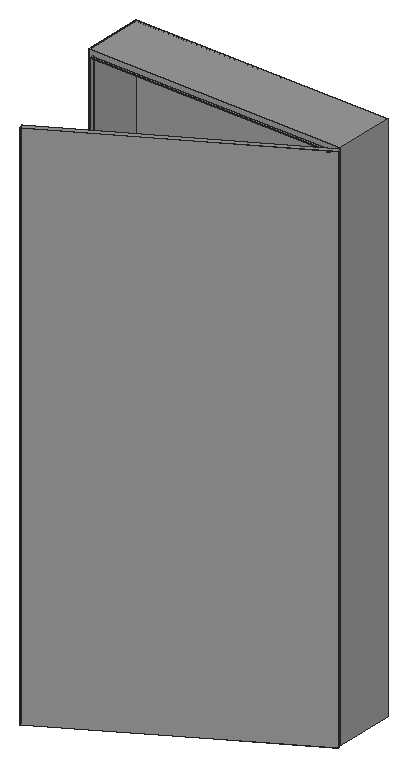
Revit family "Hager-Univers-IP54-D205-H1700-Cl.I-Encl-NoHosted-CH-en", category Equipement électrique, Revit 2020
Family settings
  Configuration du panneau = Deux colonnes, circuits au sein
  Cote de connecteur circulaire = Utiliser le diamètre
  Type d'élément = Tableau de raccordement
  Basée sur le plan de construction = Oui
  Toujours verticalement = Oui
  Couper avec des vides une fois chargée = Non
  Partagée = Non
  Point de calcul de pièce = Non
Parameters (values of type "Surface mounted (plaster) IP54 W800 H1700 D205  - FP13TW2")
  Width Control [instance] = if([EF000008 - Width] > Min Width, [EF000008 - Width], Min Width)  # 800 mm
  Commentaires du type = [HG000003 - Range]  # "Univers"
  Thickness Door [instance] = if([EF009171 - Material plate thickness door/cover] > 3 mm, 3 mm, [EF009171 - Material plate thickness door/cover])  # 1 mm
  Seal Frame Offset [instance] = 17 mm  # constant formula
  Plinth Visibility [instance] = [HG000027 - Plinth height] > 0 mm  # no
  Min Width [instance] = 100 mm  # constant formula
  Min Depth [instance] = (2 * [EF009170 - Material plate thickness cabinet]) + 1 mm  # 3 mm
  Min Height [instance] = 100 mm  # constant formula
  Internal Frame Depth [instance] = (Door System Depth * 0.5)  # 9 mm
  Panel Name [instance] = ""  # (empty or 0)
  Model = ""
  HG000027 - Plinth height = 0 mm
  HG000026 - Floor standing = no
  HG000024 - Bottom section height = 600 mm
  HG000023 - Double section enclosure = no
  HG000016 - Door 3d visibility [instance] = yes
  HG000015 - Clearance visibility [instance] = no
  HG000014 - Door on the right [instance] = yes
  HG000013 - Door on the left [instance] = not([HG000014 - Door on the right])  # no
  HG000012 - Door swing angle [instance] = 30.00°
  HG000010 - Asymmetric doors = no
  HG000009 - Double swing door = no
  HG000006 - Flush mounted = no
  HG000004 - Manufacturer reference = "FP13TW2"
  HG000003 - Range = "Univers"
  HG000002 - With door or cover = yes
  Frame Offset Bottom [instance] = 10 mm  # constant formula
  Frame Offset [instance] = 15 mm  # constant formula
  EF015940 - Cover with overpressure release = no
  EF011959 - Degree of protection (NEMA) = ""
  EF009554 - Number of openings for flange plates = 6
  EF009212 - Cover model = "EV000116 - Closed"
  EF009171 - Material plate thickness door/cover = 1 mm
  EF009170 - Material plate thickness cabinet = 1 mm
  EF008873 - Nominal current (In) = 400 A
  EF007800 - Suitable for lightning protection = no
  EF006306 - With lock = no
  EF006244 - Transparent cover/door = no
  EF005474 - Degree of protection (IP) = "EV006419 - IP54"
  EF004464 - Type of door = "EV002646 - Single"
  EF004427 - Number of modules = 396
  EF004293 - Impact strength = "EV006815 - IK09"
  EF003532 - Suitable for outdoor use = no
  EF002950 - Width in number of modular spacings = 36
  EF001613 - Circuit integrity = "EV000494 - None"
  EF001596 - Material housing = "EV000179 - Steel"
  EF001131 - Internal depth = 205 mm
  EF001088 - Extension possible = yes
  EF000437 - Number of conduit inlets = 6
  EF000339 - Type of cover = "EV001012 - Cover"
  EF000266 - Number of rows = 11
  EF000218 - Built-in depth = 205 mm
  EF000118 - With mounting plate = no
  EF000116 - RAL-number = "9010"
  EF000049 - Depth = 205 mm
  EF000040 - Height = 1700 mm
  EF000008 - Width = 800 mm
  EF000007 - Colour = "EV000202 - White"
  EF000003 - Mounting method = "EV000384 - Surface mounted (plaster)"
  Door System Leaf Tolerance [instance] = 1.5 mm  # constant formula
  Door System Depth [instance] = 18 mm  # constant formula
  Door Height [instance] = Height Control - [HG000027 - Plinth height]  # 1700 mm
  Description = ""
  Default Elevation = 1219.2 mm
  Connector Offset [instance] = Height Control / 2  # 850 mm
  Fabricant = "Hager"  # constant formula
  Height Control [instance] = if([EF000040 - Height] > Min Height, [EF000040 - Height], Min Height)  # 1700 mm
  Depth Control [instance] = if([EF000049 - Depth] > Min Depth, [EF000049 - Depth], Min Depth)  # 205 mm
  Bottom Top Plate Trim [instance] = 1.5 mm  # constant formula
  Plinth height Ctrl [instance] = if([HG000027 - Plinth height] > 0 mm, [HG000027 - Plinth height], 12 mm)  # 12 mm
Types (5, lengths in mm): name | Width Control | HG000009 - Double swing door | HG000004 - Manufacturer reference | EF009554 - Number of openings for flange plates | EF008873 - Nominal current (In) | EF004464 - Type of door | EF004427 - Number of modules | EF002950 - Width in number of modular spacings | EF000437 - Number of conduit inlets | EF000008 - Width
  Surface mounted (plaster) IP54 W1050 H1700 D205  - FP14TW2 | 1050 | yes | "FP14TW2" | 8 | 400 A | "EV003602 - Double" | 528 | 48 | 8 | 1050
  Surface mounted (plaster) IP54 W1300 H1700 D205  - FP15TW2 | 1300 | no | "FP15TW2" | 10 | 400 A | "EV003602 - Double" | 660 | 60 | 10 | 1300
  Surface mounted (plaster) IP54 W300 H1700 D205  - FP11TW2 | 300 | no | "FP11TW2" | 2 | 250 A | "EV002646 - Single" | 132 | 12 | 2 | 300
  Surface mounted (plaster) IP54 W550 H1700 D205  - FP12TW2 | 550 | no | "FP12TW2" | 4 | 250 A | "EV002646 - Single" | 264 | 24 | 4 | 550
  Surface mounted (plaster) IP54 W800 H1700 D205  - FP13TW2 | 800 | no | "FP13TW2" | 6 | 400 A | "EV002646 - Single" | 396 | 36 | 6 | 800
Reference planes
  plane 1 "Center (Front/Back)": y = 0
  plane 2: z = 0
  plane 3 "Center (Left/Right)": x = 0
  plane 4: y = 0
  plane 5: y = 0
  plane 6: z = 0
  plane 7: x = -400
  plane 8: x = 400
  plane 9: x = 399
  plane 10: x = -399
  plane 11: z = 0
  plane 12: z = 1
  plane 13: y = -205
  plane 14: y = -1
  plane 15: x = 0
  plane 16: y = -187
  plane 17: y = -204
  plane 18: y = -186
  plane 19: x = -384
  plane 20: x = 384
  plane 21: z = 11
  plane 22: x = -383
  plane 23: x = 383
  plane 24: z = 0
  plane 25: z = 1700
  plane 26: z = 1700
  plane 27: z = 1684
  plane 28: z = 1699
Forms (mm)
  Extrusion 1, solid, material "Hager_Steel_RAL7035_Light_Grey", detail levels medium+fine
    sketch origin (-208.679, -4572, 0) x (-1, 0, 0) y (0, -1, 0)
      loop
        line (191.321, -4385) -> (-608.679, -4385) -> (-608.679, -4572) -> (191.321, -4572) -> (191.321, -4385)
    from 0 to 1700
  Extrusion 2, void
    sketch origin (-350.771, -205, 1219.2) x (1, 0, 0) y (0, 0, 1)
      loop
        line (-48.229, 479.8) -> (-48.229, -1218.2) -> (749.771, -1218.2) -> (749.771, 479.8) -> (-48.229, 479.8)
    from -19 to -204
  Extrusion 3, void
    sketch origin (-290.084, -187, 1219.2) x (1, 0, 0) y (0, 0, 1)
      loop
        line (-93.916, -1208.2) -> (674.084, -1208.2) -> (674.084, 464.8) -> (-93.916, 464.8) -> (-93.916, -1208.2)
    from 0 to -1
  Extrusion 4, solid, material "Hager_Steel_RAL7035_Light_Grey", visible <- "Plinth Visibility", detail levels medium+fine
    sketch origin (0, 0, 0) x (1, 0, 0) y (0, 1, 0)
      loop
        line (-400, 0) -> (-400, -187) -> (400, -187) -> (400, 0) -> (-400, 0)
    from 0 to 12 <- "Plinth height Ctrl"
  Extrusion 5, solid, material "Hager_Steel_RAL7035_Light_Grey", detail levels coarse
    sketch origin (0, 0, 0) x (1, 0, 0) y (0, 1, 0)
      loop
        line (-400, 0) -> (-400, -205) -> (400, -205) -> (400, 0) -> (-400, 0)
    from 0 to 1700 <- "Height Control"
  Sweep 6, void
    path in 3D
      loop
        line (-400, -187, 12) -> (400, -187, 12) -> (400, 0, 12) -> (-400, 0, 12) -> (-400, -187, 12)
    profile origin (-400, -93.5, 12) x (1, 0, 0) y (0, 0, 1)
      loop
        line (0, 0) -> (0, -1.5) -> (1.5, -1.5)
        arc (1.5, -1.5) -> (1.061, -0.439) -> (0, 0) r 1.5
  Extrusion 7, solid, material "Hager_Steel_RAL7035_Light_Grey", detail levels fine
    sketch origin (-400, -187, 0) x (1, 0, 0) y (0, 0, 1)
      loop
        line (16, 11) -> (784, 11) -> (784, 1684) -> (16, 1684) -> (16, 11)
      loop
        line (15, 10) -> (785, 10) -> (785, 1685) -> (15, 1685) -> (15, 10)
    from 0 to 9 <- "Internal Frame Depth"
Cuts and joins
  Extrusion 2, Extrusion 3 cuts Extrusion 1
  Sweep 6 cuts Extrusion 4
Lines and regions (mm)
  Masking region 1
    outline origin (0, 0, 0) x (1, 0, 0) y (0, 1, 0)
      loop
        line (-400, 0) -> (-400, -205) -> (400, -205) -> (400, 0) -> (-400, 0)
  Masking region 2, detail levels coarse
    outline origin (-290.084, -187, 1219.2) x (-1, 0, 0) y (0, 0, 1)
      loop
        line (-690.084, -1219.2) -> (109.916, -1219.2) -> (109.916, 480.8) -> (-690.084, 480.8) -> (-690.084, -1219.2)
  Masking region 3, detail levels coarse
    outline origin (0, 0, 0) x (0, 1, 0) y (0, 0, 1)
      loop
        line (0, 0) -> (0, 1700) -> (-205, 1700) -> (-205, 0) -> (0, 0)
  Masking region 4, visible <- "Plinth Visibility", detail levels medium+fine
    outline origin (0, 0, 0) x (0, 1, 0) y (0, 0, 1)
      loop
        line (-1.5, 12) -> (-185.5, 12)
        arc (-185.5, 12) -> (-185.939, 10.939) -> (-187, 10.5) r 1.5
        line (-187, 10.5) -> (-187, 0) -> (0, 0) -> (0, 10.5)
        arc (0, 10.5) -> (-1.061, 10.939) -> (-1.5, 12) r 1.5
  Masking region 5, detail levels medium+fine
    outline origin (0, 0, 594.038) x (0, 1, 0) y (0, 0, 1)
      loop
        line (0, -594.038) -> (0, 1105.962) -> (-187, 1105.962) -> (-187, -594.038) -> (0, -594.038)
  Masking region 6, detail levels medium+fine
    outline origin (-359.7, -187, 1211.883) x (-1, 0, 0) y (0, 0, 1)
      loop
        line (-759.7, -1211.883) -> (40.3, -1211.883) -> (40.3, 488.117) -> (-759.7, 488.117) -> (-759.7, -1211.883)
  Masking region 7, visible <- "Plinth Visibility", detail levels medium+fine
    outline origin (-320.334, -187, 1041.368) x (-1, 0, 0) y (0, 0, 1)
      loop
        line (-720.334, -1041.368) -> (79.666, -1041.368) -> (79.666, -1030.868)
        arc (79.666, -1030.868) -> (78.606, -1030.429) -> (78.166, -1029.368) r 1.5
        line (78.166, -1029.368) -> (-718.834, -1029.368)
        arc (-718.834, -1029.368) -> (-719.273, -1030.429) -> (-720.334, -1030.868) r 1.5
        line (-720.334, -1030.868) -> (-720.334, -1041.368)
  sketch lines
    curve 1: line (-400, 0, 12) -> (-400, -187, 12)
    curve 2: line (-400, -187, 12) -> (400, -187, 12)
    curve 3: line (400, 0, 12) -> (-400, 0, 12)
    curve 4: line (400, -187, 12) -> (400, 0, 12)
Dimensions and locks
  locked: plane 1 "Center (Front/Back)" to plane 5
  "EF009170 - Material plate thickness cabinet": plane 7 to plane 10
  "EF009170 - Material plate thickness cabinet": plane 8 to plane 9
  equal spacing: plane 7, plane 3 "Center (Left/Right)", plane 8
  "Width Control": plane 7 to plane 8
  "Depth Control": plane 4 to plane 13
  "EF009170 - Material plate thickness cabinet": plane 4 to plane 14
  "Height Control": plane 25 to level
  "HG000027 - Plinth height": plane 11 to level
  "EF009170 - Material plate thickness cabinet": plane 12 to plane 11
  "EF009170 - Material plate thickness cabinet": plane 17 to plane 13
  "EF009170 - Material plate thickness cabinet": plane 18 to plane 16
  "Frame Offset Bottom": plane 21 to plane 12
  "Frame Offset": plane 10 to plane 19
  "Frame Offset": plane 9 to plane 20
  "Door System Depth": plane 16 to plane 13
  "Seal Frame Offset": plane 7 to plane 22
  "Seal Frame Offset": plane 8 to plane 23
  "EF009170 - Material plate thickness cabinet": plane 26 to plane 28
  "Frame Offset": plane 28 to plane 27
  "Connector Offset": plane 2 to connector elem
  "Bottom Top Plate Trim": profile plane to Sweep 6 sketch curve
  "Bottom Top Plate Trim": Sweep 6 sketch curve to Sweep 6 sketch curve
  "Plinth height Ctrl": Masking region 4 sketch curve to level
  "Plinth height Ctrl": Masking region 7 sketch curve to level
  "Thickness Door": Extrusion 7 sketch curve to Extrusion 7 sketch curve  (x4)
  "Bottom Top Plate Trim": radius of Sweep 6 sketch curve
  "Bottom Top Plate Trim": radius of Masking region 4 sketch curve  (x2)
  "Bottom Top Plate Trim": radius of Masking region 7 sketch curve  (x2)
  aligned and locked: Extrusion 2 sketch curve to plane 12
  aligned and locked: Extrusion 2 sketch curve to plane 9
  aligned and locked: Extrusion 2 sketch curve to plane 10
  aligned and locked: Extrusion 2 to plane 14
  aligned and locked: Extrusion 1 sketch curve to plane 4
  aligned and locked: plane 8 to Extrusion 1 sketch curve
  aligned and locked: plane 7 to Extrusion 1 sketch curve
  aligned and locked: Extrusion 2 to plane 18
  aligned and locked: Extrusion 3 sketch curve to plane 19
  aligned and locked: plane 20 to Extrusion 3 sketch curve
  aligned and locked: Extrusion 3 to Extrusion 2
  aligned and locked: Extrusion 3 sketch curve to plane 21
  aligned and locked: plane 3 "Center (Left/Right)" to nested 1
  aligned and locked: Extrusion 1 sketch curve to plane 16
  aligned and locked: Extrusion 4 sketch curve to cut or joined group of Extrusion 1, Extrusion 2, Extrusion 3
  aligned and locked: Masking region 1 sketch curve to plane 7
  aligned and locked: Masking region 1 sketch curve to plane 5
  aligned and locked: Masking region 1 sketch curve to plane 8
  aligned and locked: Masking region 2 sketch curve to level
  aligned and locked: level to Masking region 3 sketch curve
  aligned and locked: plane 1 "Center (Front/Back)" to Masking region 3 sketch curve
  aligned and locked: plane 13 to Masking region 3 sketch curve
  aligned and locked: plane 5 to Masking region 4 sketch curve
  aligned and locked: Masking region 2 sketch curve to plane 8
  aligned and locked: Masking region 2 sketch curve to plane 7
  aligned and locked: plane 7 to nested 2
  aligned and locked: nested 2 to plane 5
  aligned and locked: plane 5 to Masking region 5 sketch curve
  aligned and locked: plane 26 to Masking region 5 sketch curve
  aligned and locked: Extrusion 5 sketch curve to plane 8
  aligned and locked: Extrusion 5 sketch curve to plane 7
  aligned and locked: Extrusion 5 sketch curve to plane 5
  aligned and locked: Extrusion 3 sketch curve to plane 27
  aligned and locked: Extrusion 2 sketch curve to plane 28
  aligned and locked: Masking region 2 to plane 25
  aligned and locked: Extrusion 4 to plane 16
  aligned and locked: profile plane to Sweep 6 sketch curve
  aligned and locked: Masking region 5 sketch curve to plane 24
  aligned and locked: level to Masking region 4 sketch curve
  aligned and locked: Masking region 1 to plane 13
  aligned and locked: nested 1 to plane 16
  aligned and locked: Masking region 3 to plane 25
  aligned and locked: plane 16 to Masking region 4 sketch curve
  aligned and locked: Masking region 5 sketch curve to plane 16
  aligned and locked: plane 24 to plane 11
  aligned and locked: plane 26 to plane 25
  aligned and locked: plane 26 to cut or joined group of Extrusion 1, Extrusion 2, Extrusion 3
  aligned and locked: nested 1 to plane 24
  aligned and locked: Extrusion 1 to Extrusion 3
  aligned and locked: Masking region 6 sketch curve to plane 8
  aligned and locked: Masking region 6 sketch curve to plane 24
  aligned and locked: Masking region 6 sketch curve to plane 7
  aligned and locked: Masking region 6 sketch curve to plane 26
  aligned and locked: Masking region 7 sketch curve to plane 7
  aligned and locked: level to Masking region 7 sketch curve
  aligned and locked: Masking region 7 sketch curve to plane 8
  aligned and locked: Extrusion 7 sketch curve to cut or joined group of Extrusion 1, Extrusion 2, Extrusion 3  (x4)
Automatic sketch dimensions
  plane 19 to Extrusion 3 sketch curve = 0 mm
  Extrusion 3 sketch curve to plane 20 = 0 mm
  Extrusion 3 sketch curve to plane 21 = 0 mm
  Extrusion 4 sketch curve to plane 7 = 0 mm
  Extrusion 4 sketch curve to plane 8 = 0 mm
  Extrusion 4 sketch curve to plane 16 = 0 mm
  Masking region 1 sketch curve to plane 13 = 0 mm
  Masking region 2 sketch curve to plane 25 = 0 mm
  Masking region 3 sketch curve to plane 25 = 0 mm
  Extrusion 5 sketch curve to plane 13 = 0 mm
  profile plane to Sweep 6 sketch curve = 0 mm
Nested families
  nested 1: "EC000058_Univers_Door" at (0, -187, 0), Double <- "HG000009 - Double swing door", Transparent <- "EF006244 - Transparent cover/door", Angle <- "HG000012 - Door swing angle", Door_Right <- "HG000014 - Door on the right", Assymetrical <- "HG000010 - Asymmetric doors", Door <- "HG000002 - With door or cover", Width_Ctrl <- "Width Control", 3d_Door <- "HG000016 - Door 3d visibility", Clearance <- "HG000015 - Clearance visibility", Door_Left <- "HG000013 - Door on the left", Width <- "Width Control", Door_Depth <- "Door System Depth", Leaf_Tolerance <- "Door System Leaf Tolerance", Height <- "Door Height", Lock_Visibility <- "EF006306 - With lock", Thickness <- "Thickness Door", type "EC000058_Univers_Door", detail levels medium+fine
    with min_wh 3 mm, Width_Ctrl 800 mm, Width 800 mm, Transparent no, Thickness 1 mm, Seal_Material Hager_Rubber, Lock_Visibility no, Lock_Material Hager_Plastic_RAL9005_Jet_Black, Leaf_Width 800 mm, Leaf_Tolerance_External_Sides 0 mm, Leaf_Tolerance 1.5 mm, Leaf_Offset 0 mm, Leaf_Height 1697 mm, Leaf_2_Width 800 mm, Leaf_2_Offset 400 mm, Leaf_1_Width 800 mm, Leaf_1_Offset 400 mm, Height_Ctrl 1700 mm, Height 1700 mm, Glass_Material Hager_Glass, Double_Clearance_Ctrl no, Double no, Door_Right_Ctrl yes, Door_Right yes, Door_Material Hager_Steel_RAL7035_Light_Grey, Door_Left_Ctrl no, Door_Left no, Door_Depth 18 mm, Door yes, Clearance_Material Hager_Clearance, Clearance_Depth 800 mm, Clearance_Ctrl no, Clearance no, Assymetrical no, Angle 30.00°, 3d_Door yes
  nested 2: "Hager_Enclosure_Symbol" at (-400, 0, 0), Height <- "Depth Control", Width <- "Width Control", type "Hager_Enclosure_Symbol"
    with Width_Ctrl 800 mm, Width 800 mm, Height_Ctrl 205 mm, Height 205 mm, A_Width_Int 13.453 mm, A_Width 161.438 mm, A_Height_Ctrl 179.375 mm, A_Height 179.375 mm
Connectors
  electrical at (0, 0, 850)
    settings: on plane 1 "Center (Front/Back)", index 1, voltage 0 V, apparent load 0 VA, apparent load phase1 0 VA, apparent load phase2 0 VA, apparent load phase3 0 VA, power factor 1, load classification "Other", number of poles 1, system type 30, power factor state 1, is connector primary yes, connector utility no, sub classification motor no, connector description ""
Definition of nested family "EC000058_Univers_Door"
  Parameters (values of type "EC000058_Univers_Door")
    min_wh [instance] = (2 * Thickness) + 1 mm  # 11 mm
    Width_Ctrl [instance] = 400 mm
    Width [instance] = 500 mm
    Transparent [instance] = yes
    Thickness [instance] = 5 mm
    Seal_Material [instance] = none
    Lock_Visibility [instance] = yes
    Lock_Material [instance] = none
    Leaf_Width [instance] = if((Width_Ctrl - 2 * Leaf_Tolerance_External_Sides) > 0 mm, (Width_Ctrl - 2 * Leaf_Tolerance_External_Sides), min_wh)  # 400 mm
    Leaf_Tolerance_External_Sides [instance] = 0 mm  # constant formula
    Leaf_Tolerance [instance] = 1.5 mm
    Leaf_Offset [instance] = 0 mm  # constant formula
    Leaf_Height [instance] = if((Height_Ctrl - 2 * Leaf_Tolerance) > 0 mm, (Height_Ctrl - 2 * Leaf_Tolerance), min_wh)  # 497 mm
    Leaf_2_Width [instance] = if(and(and(Double, Assymetrical), Door_Left), (Leaf_Width / 3) - (Leaf_Tolerance / 2), if(and(and(Double, Assymetrical), Door_Right), (Leaf_Width / 3) * 2 - (Leaf_Tolerance / 2), if(and(Double, not(Assymetrical)), (Leaf_Width / 2) - Leaf_Tolerance, Leaf_Width)))  # 400 mm
    Leaf_2_Offset [instance] = if(and(Double, Assymetrical), Leaf_2_Width / 2, if(and(Double, not(Assymetrical)), Leaf_Width / 4, Leaf_Width / 2))  # 200 mm
    Leaf_1_Width [instance] = if(and(and(Double, Assymetrical), Door_Right), (Leaf_Width / 3) - (Leaf_Tolerance / 2), if(and(and(Double, Assymetrical), Door_Left), (Width / 3) * 2 - (Leaf_Tolerance / 2), if(and(Double, not(Assymetrical)), (Leaf_Width / 2) - Leaf_Tolerance, Leaf_Width)))  # 400 mm
    Leaf_1_Offset [instance] = if(and(Double, Assymetrical), Leaf_1_Width / 2, if(and(Double, not(Assymetrical)), Leaf_Width / 4, Leaf_Width / 2))  # 200 mm
    Height_Ctrl [instance] = if(Height > min_wh, Height, min_wh)  # 500 mm
    Height [instance] = 500 mm
    Glass_Material [instance] = none
    Double_Clearance_Ctrl [instance] = and(Double, Clearance)  # no
    Double [instance] = no
    Door_Right_Ctrl [instance] = and(or(Door_Right, Double), Door)  # yes
    Door_Right [instance] = yes
    Door_Material [instance] = none
    Door_Left_Ctrl [instance] = and(or(Door_Left, Double), Door)  # no
    Door_Left [instance] = no
    Door_Depth [instance] = 30 mm
    Door [instance] = yes
    Default Elevation = 1219.2 mm
    Clearance_Material [instance] = none
    Clearance_Depth [instance] = if(Leaf_1_Width > Leaf_2_Width, Leaf_1_Width, Leaf_2_Width)  # 400 mm
    Clearance_Ctrl [instance] = and(not(Double), Clearance)  # yes
    Clearance [instance] = yes
    Assymetrical [instance] = yes
    Angle [instance] = 30.00°
    3d_Door [instance] = yes
  Reference planes
    plane 1 "Center (Front/Back)": y = 0
    plane 2 "Bottom": z = 0
    plane 3 "Center (Left/Right)": x = 0
    plane 4: z = 500
    plane 5: x = -200
    plane 6: x = 200
    plane 7: z = 500
    plane 8: x = -200
    plane 9: z = 0
    plane 10: x = 200
    plane 11: y = 0
    plane 12: z = 1.5
    plane 13: x = -600
    plane 14: y = -400
    plane 15: x = 600
    plane 16: x = 0
    plane 17: x = 0
    plane 18: x = -200
    plane 19: x = 200
    plane 20: z = 498.5
  Forms (mm)
    Extrusion 1, solid, material <- "Clearance_Material", visible <- "Double_Clearance_Ctrl"
      sketch origin (1200, 0, 0) x (1, 0, 0) y (0, 0, -1)
        loop
          line (-1800, -498.5) -> (-600, -498.5) -> (-600, 0) -> (-1800, 0) -> (-1800, -498.5)
      from 0 to -400
  Dimensions and locks
    equal spacing: plane 5, plane 3 "Center (Left/Right)", plane 6
    "Width_Ctrl": plane 5 to plane 6
    "Leaf_Offset": plane 5 to plane 8
    "Leaf_Offset": plane 6 to plane 10
    "Leaf_Offset": plane 9 to level
    "Leaf_Offset": plane 4 to plane 7
    "Height_Ctrl": plane 4 to level
    "Leaf_Tolerance": plane 12 to plane 9
    locked: plane 11 to plane 1 "Center (Front/Back)"
    "Leaf_1_Offset": plane 18 to plane 16
    "Leaf_2_Offset": plane 17 to plane 19
    "Leaf_1_Width": plane 13 to plane 8
    "Leaf_2_Width": plane 10 to plane 15
    "Clearance_Depth": plane 14 to plane 1 "Center (Front/Back)"
    "Leaf_Tolerance_External_Sides": plane 8 to plane 18
    "Leaf_Tolerance_External_Sides": plane 19 to plane 10
    "Leaf_Tolerance": plane 7 to plane 20
    aligned and locked: level to plane 2 "Bottom"
    aligned and locked: nested 1 to plane 16
    aligned and locked: nested 2 to plane 17
    aligned and locked: Extrusion 1 to plane 13
    aligned and locked: plane 15 to Extrusion 1
    aligned and locked: Extrusion 1 to plane 14
    aligned and locked: plane 12 to nested 1
    aligned and locked: nested 2 to plane 12
    aligned and locked: Extrusion 1 to plane 11
    aligned and locked: plane 20 to Extrusion 1
    aligned and locked: nested 2 to plane 11
    aligned and locked: nested 1 to plane 11
  Automatic sketch dimensions
    Extrusion 1 sketch curve to level = 0 mm
    plane 5 to Extrusion 1 sketch curve = 400 mm
    plane 6 to Extrusion 1 sketch curve = 400 mm
    Extrusion 1 sketch curve to plane 4 = 1.5 mm
  Nested families
    nested 1: "EC000058_Univers_Door_Leaf" at (0, 0, 1.5), Width <- "Leaf_1_Width", visible <- "Door_Left_Ctrl", Leaf_Height <- "Leaf_Height", Angle <- "Angle", 3d_Door <- "3d_Door", Transparent <- "Transparent", Clearance Material <- "Clearance_Material", Clearance <- "Clearance_Ctrl", Door_Material <- "Door_Material", Glass_Material <- "Glass_Material", Door_Depth <- "Door_Depth", Lock_Material <- "Lock_Material", Seal_Material <- "Seal_Material", Lock_Visibility <- "Lock_Visibility", Thickness <- "Thickness", type "EC000058_Univers_Door_Leaf"
      with Width 400 mm, Transparent_Glass_Offset 30 mm, Transparent_Ctrl yes, Transparent yes, Thickness 5 mm, Standard no, Seal_Material none, Seal_D2 8 mm, Seal_D1 1 mm, Offset_Internal_Frame 10 mm, Lock_Width 20 mm, Lock_Visibility_3d yes, Lock_Visibility yes, Lock_Thickness_3 3 mm, Lock_Thickness_2 1 mm, Lock_Thickness_1 3 mm, Lock_Radius_Offset_2 16 mm, Lock_Radius_Offset_1 15 mm, Lock_Radius_2 5 mm, Lock_Radius 6 mm, Lock_Offset 5 mm, Lock_Material none, Lock_Height 80 mm, Lock_Cover_Top_Offset_2d 17 mm, Lock_Cover_Height -65 mm, Leaf_Height 497 mm, Internal_Seal_Thickness 8 mm, Internal_Seal_Depth_2 4.5 mm, Internal_Frame_Depth 25 mm, Glass_Thickness -1 mm, Glass_Offset -2 mm, Glass_Material none, Door_Material none, Door_Depth 30 mm, Clearance Material none, Clearance yes, Angle_Ctrl 30.00°, Angle 30.00°, 3d_Door yes
    nested 2: "EC000058_Univers_Door_Leaf" at (0, 0, 1.5) x (-1, 0, 0) z (0, 0, 1), Width <- "Leaf_2_Width", visible <- "Door_Right_Ctrl", Leaf_Height <- "Leaf_Height", Angle <- "Angle", 3d_Door <- "3d_Door", Transparent <- "Transparent", Clearance Material <- "Clearance_Material", Clearance <- "Clearance_Ctrl", Door_Material <- "Door_Material", Glass_Material <- "Glass_Material", Door_Depth <- "Door_Depth", Lock_Material <- "Lock_Material", Seal_Material <- "Seal_Material", Lock_Visibility <- "Lock_Visibility", Thickness <- "Thickness", type "EC000058_Univers_Door_Leaf"
      with Width 400 mm, Transparent_Glass_Offset 30 mm, Transparent_Ctrl yes, Transparent yes, Thickness 5 mm, Standard no, Seal_Material none, Seal_D2 8 mm, Seal_D1 1 mm, Offset_Internal_Frame 10 mm, Lock_Width 20 mm, Lock_Visibility_3d yes, Lock_Visibility yes, Lock_Thickness_3 3 mm, Lock_Thickness_2 1 mm, Lock_Thickness_1 3 mm, Lock_Radius_Offset_2 16 mm, Lock_Radius_Offset_1 15 mm, Lock_Radius_2 5 mm, Lock_Radius 6 mm, Lock_Offset 5 mm, Lock_Material none, Lock_Height 80 mm, Lock_Cover_Top_Offset_2d 17 mm, Lock_Cover_Height -65 mm, Leaf_Height 497 mm, Internal_Seal_Thickness 8 mm, Internal_Seal_Depth_2 4.5 mm, Internal_Frame_Depth 25 mm, Glass_Thickness -1 mm, Glass_Offset -2 mm, Glass_Material none, Door_Material none, Door_Depth 30 mm, Clearance Material none, Clearance yes, Angle_Ctrl 30.00°, Angle 30.00°, 3d_Door yes
  Definition of nested family "EC000058_Univers_Door_Leaf"
    Parameters (values of type "EC000058_Univers_Door_Leaf")
      Width [instance] = 2000 mm
      Transparent_Glass_Offset [instance] = 30 mm
      Transparent_Ctrl [instance] = and(Transparent, [3d_Door])  # yes
      Transparent [instance] = yes
      Thickness [instance] = 5 mm
      Standard [instance] = and(not(Transparent), [3d_Door])  # no
      Seal_Material [instance] = none
      Seal_D2 [instance] = 8 mm  # constant formula
      Seal_D1 [instance] = 1 mm  # constant formula
      Offset_Internal_Frame [instance] = 10 mm  # constant formula
      Lock_Width [instance] = 20 mm  # constant formula
      Lock_Visibility_3d [instance] = and(Lock_Visibility, [3d_Door])  # yes
      Lock_Visibility [instance] = yes
      Lock_Thickness_3 [instance] = 3 mm  # constant formula
      Lock_Thickness_2 [instance] = 1 mm  # constant formula
      Lock_Thickness_1 [instance] = 3 mm  # constant formula
      Lock_Radius_Offset_2 [instance] = Lock_Radius_Offset_1 + 1 mm  # 16 mm
      Lock_Radius_Offset_1 [instance] = 15 mm  # constant formula
      Lock_Radius_2 [instance] = Lock_Radius - 1 mm  # 5 mm
      Lock_Radius [instance] = 6 mm  # constant formula
      Lock_Offset [instance] = 5 mm  # constant formula
      Lock_Material [instance] = none
      Lock_Height [instance] = 80 mm  # constant formula
      Lock_Cover_Top_Offset_2d [instance] = Lock_Radius_Offset_2 + 1 mm  # 17 mm
      Lock_Cover_Height [instance] = -(Lock_Height - Lock_Radius_Offset_1)  # -65 mm
      Leaf_Height [instance] = 2720.336 mm
      Internal_Seal_Thickness [instance] = 8 mm  # constant formula
      Internal_Seal_Depth_2 [instance] = 4.5 mm  # constant formula
      Internal_Frame_Depth [instance] = if(Door_Depth - Thickness > 5 mm, Door_Depth - Thickness, 5 mm)  # 25 mm
      Glass_Thickness [instance] = if(Thickness > 15 mm, Glass_Offset + 10 mm, -1 mm)  # -1 mm
      Glass_Offset [instance] = if(Thickness > 15 mm, -(Thickness + 10 mm) / 2, -2 mm)  # -2 mm
      Glass_Material [instance] = none
      Door_Material [instance] = none
      Door_Depth [instance] = 30 mm
      Default Elevation = 0 mm
      Clearance Material [instance] = none
      Clearance [instance] = yes
      Angle_Ctrl [instance] = if(Angle > 180.00°, 180.00°, Angle)  # 90.00°
      Angle [instance] = 90.00°
      3d_Door [instance] = yes
    Reference planes
      plane 1 "Center (Front/Back)": y = 0
      plane 2: z = 0
      plane 3 "Center (Left/Right)": x = 0
      plane 4: y = 2000
      plane 5: x = -1000
      plane 6: x = 1000
      plane 7: x = -3000
      plane 8: z = 2720.336
      plane 9: z = 30
      plane 10: z = 2690.336
      plane 11: x = 970
      plane 12: x = -970
      plane 13: y = -3
      plane 14: z = 107.833
      plane 15: y = -5
      plane 16: y = -223.314
      plane 17: x = -1000
      plane 18: z = 1360.168
      plane 19: y = 30
    Forms (mm)
      Extrusion 1, solid, material <- "Clearance Material", visible <- "Clearance"
        sketch origin (0, 0, 0) x (1, 0, 0) y (0, 0, 1)
          loop
            line (-3000, 2720.336) -> (-3000, 0) -> (1000, 0) -> (1000, 2720.336) -> (-3000, 2720.336)
        from 0 to -2000
      Extrusion 2, solid, material <- "Door_Material", visible <- "Standard", detail levels medium+fine
        sketch origin (-1000, 0, 0) x (0, 1, 0) y (-1, 0, 0)
          loop
            line (0, 30) -> (0, 25) -> (2000, 25) -> (2000, 30) -> (0, 30)
        from 0 to 2720.336 <- "Leaf_Height"
      Extrusion 3, solid, material <- "Door_Material", visible <- "Transparent_Ctrl", detail levels medium+fine
        sketch origin (-1000, 0, 0) x (0, 1, 0) y (-1, 0, 0)
          loop
            line (0, 25) -> (2000, 25) -> (2000, 30) -> (0, 30) -> (0, 25)
        from 0 to 2720.336 <- "Leaf_Height"
      Extrusion 4, void
        sketch origin (-1025, 2000, 0) x (0, 1, 0) y (0, 0, -1)
          loop
            line (-30, -2690.336) -> (-30, -30) -> (-1970, -30) -> (-1970, -2690.336) -> (-30, -2690.336)
        from 0 to 5 <- "Thickness"
      Sweep 5, solid, material <- "Seal_Material", visible <- "Transparent_Ctrl", detail levels fine
        path in 3D
          loop
            line (-1025, 30, 30) -> (-1025, 30, 2690.336) -> (-1025, 1970, 2690.336) -> (-1025, 1970, 30) -> (-1025, 30, 30)
        profile origin (-1025, 1000, 30) x (1, 0, 0) y (0, 0, 1)
          loop
            line (0, 0) -> (0, -8) -> (1, -8) -> (1, 0) -> (0, 0)
      Extrusion 6, solid, material <- "Glass_Material", visible <- "Transparent_Ctrl", detail levels medium+fine
        sketch origin (-1030, 0, 0) x (0, 1, 0) y (0, 0, -1)
          loop
            line (1970, -2690.336) -> (1970, -30) -> (30, -30) -> (30, -2690.336) -> (1970, -2690.336)
        from -2 <- "Glass_Offset" to -1 <- "Glass_Thickness"
      Extrusion 7, solid, material <- "Door_Material", visible <- "3d_Door", detail levels medium+fine
        sketch origin (-1025, 2000, 0) x (0, -1, 0) y (0, 0, -1)
          loop
            line (0, -2720.336) -> (2000, -2720.336) -> (2000, 0) -> (0, 0) -> (0, -2720.336)
          loop
            line (1995, -5) -> (5, -5) -> (5, -2715.336) -> (1995, -2715.336) -> (1995, -5)
        from 0 to 25 <- "Internal_Frame_Depth"
      Sweep 8, solid, material <- "Seal_Material", visible <- "Transparent_Ctrl", detail levels fine
        path in 3D
          loop
            line (-1025, 0, 0) -> (-1025, 2000, 0) -> (-1025, 2000, 2720.336) -> (-1025, 0, 2720.336) -> (-1025, 0, 0)
        profile origin (-1025, 0, 1360.168) x (1, 0, 0) y (0, 1, 0)
          loop
            line (0, 10) -> (2.975, 10)
            arc (2.975, 10) -> (4.053, 10.447) -> (4.5, 11.525) r 1.525
            line (4.5, 11.525) -> (4.5, 16.527)
            arc (4.5, 16.527) -> (4.069, 17.569) -> (3.027, 18) r 1.473
            line (3.027, 18) -> (0, 18) -> (0, 10)
      Extrusion 9, solid, material <- "Lock_Material", visible <- "Lock_Visibility_3d", detail levels fine
        sketch origin (-1030, 0, 0) x (0, 1, 0) y (0, 0, -1)
          loop
            arc (1993.5, -1400.168) -> (1994.561, -1399.729) -> (1995, -1398.668) r 1.5
            line (1995, -1398.668) -> (1995, -1320.168) -> (1975, -1320.168) -> (1975, -1398.668)
            arc (1975, -1398.668) -> (1975.439, -1399.729) -> (1976.5, -1400.168) r 1.5
            line (1976.5, -1400.168) -> (1993.5, -1400.168)
        from 3 <- "Lock_Thickness_1" to 0
      Blend 10, solid, material <- "Lock_Material", visible <- "Lock_Visibility_3d", detail levels fine
        base sketch origin (-1033, 0, 0) x (0, 1, 0) y (0, 0, -1)
          loop
            line (1975, -1320.168) -> (1975, -1398.668)
            arc (1975, -1398.668) -> (1975.439, -1399.729) -> (1976.5, -1400.168) r 1.5
            line (1976.5, -1400.168) -> (1993.5, -1400.168)
            arc (1993.5, -1400.168) -> (1994.561, -1399.729) -> (1995, -1398.668) r 1.5
            line (1995, -1398.668) -> (1995, -1320.168) -> (1975, -1320.168)
        top sketch origin (-1033, 0, 0) x (0, 1, 0) y (0, 0, -1)
          loop
            line (1976, -1320.168) -> (1976, -1398.668)
            arc (1976, -1398.668) -> (1976.146, -1399.022) -> (1976.5, -1399.168) r 0.5
            line (1976.5, -1399.168) -> (1993.5, -1399.168)
            arc (1993.5, -1399.168) -> (1993.854, -1399.022) -> (1994, -1398.668) r 0.5
            line (1994, -1398.668) -> (1994, -1320.168) -> (1976, -1320.168)
        from 0 to 1 <- "Lock_Thickness_2"
      Blend 11, solid, material <- "Lock_Material", visible <- "Lock_Visibility_3d", detail levels fine
        base sketch origin (-1034, 0, 0) x (0, 1, 0) y (0, 0, -1)
          loop
            line (1978, -1320.168) -> (1978, -1384.168)
            arc (1978, -1384.168) -> (1985, -1391.168) -> (1992, -1384.168) r 7
            line (1992, -1384.168) -> (1992, -1320.168) -> (1978, -1320.168)
        top sketch origin (-1034, 0, 0) x (0, 1, 0) y (0, 0, -1)
          loop
            line (1991, -1320.168) -> (1979, -1320.168) -> (1979, -1383.168)
            arc (1979, -1383.168) -> (1985, -1389.168) -> (1991, -1383.168) r 6
            line (1991, -1383.168) -> (1991, -1320.168)
        from 0 to 3 <- "Lock_Thickness_3"
      Extrusion 12, solid, material <- "Lock_Material", visible <- "Lock_Visibility_3d", detail levels fine
        sketch origin (-1030, 1975, 1320.168) x (1, 0, 0) y (0, -1, 0)
          loop
            line (-7, -19) -> (-7, -1) -> (0, -1) -> (0, 0) -> (-8, 0) -> (-8, -20) -> (0, -20) -> (0, -19) -> (-7, -19)
        from 0 to -65 <- "Lock_Cover_Height"
      Extrusion 13, void
        sketch origin (-1038, 1995, 1320.168) x (-1, 0, 0) y (0, 0, -1)
          loop
            line (-5, -65) -> (0, -65) -> (-5, -60) -> (-5, -65)
        from 0 to 20 <- "Lock_Width"
      Extrusion 14, void
        sketch origin (-1038, 1975, 1320.168) x (0, -1, 0) y (0, 0, -1)
          loop
            circle (-10, -15.995) r 6
          loop
            circle (-10, -15.995) r 5
        from 0 to 2
      Extrusion 15, solid, material <- "Lock_Material", visible <- "Lock_Visibility_3d", detail levels medium
        sketch origin (-1030, 0, 0) x (0, 1, 0) y (0, 0, -1)
          loop
            arc (1993.5, -1400.168) -> (1994.561, -1399.729) -> (1995, -1398.668) r 1.5
            line (1995, -1398.668) -> (1995, -1320.168) -> (1975, -1320.168) -> (1975, -1398.668)
            arc (1975, -1398.668) -> (1975.439, -1399.729) -> (1976.5, -1400.168) r 1.5
            line (1976.5, -1400.168) -> (1993.5, -1400.168)
        from 8 to 0
    Cuts and joins
      Extrusion 4 cuts Extrusion 3
      Extrusion 13, Extrusion 14 cuts Extrusion 9
      Extrusion 14 cuts Blend 11
      Extrusion 13, Extrusion 14 cuts Extrusion 12
      joined: Extrusion 9, Blend 10, Blend 11, Extrusion 12
      Extrusion 14 cuts Extrusion 15
    Lines and regions (mm)
      Masking region 1, visible <- "Lock_Visibility", detail levels fine
        outline origin (0, 0, 0) x (0, 1, 0) y (0, 0, 1)
          loop
            line (30, 1320.168) -> (33, 1320.168) -> (33, 1400.168) -> (30, 1400.168) -> (30, 1320.168)
      Masking region 2, visible <- "Lock_Visibility", detail levels fine
        outline origin (0, 3.143, 0) x (0, 1, 0) y (0, 0, 1)
          loop
            line (29.857, 1354.168) -> (30.857, 1354.168) -> (30.857, 1366.168) -> (29.857, 1366.168) -> (29.857, 1354.168)
      Masking region 3, detail levels medium+fine
        outline origin (0, 0, 0) x (0, 1, 0) y (0, 0, 1)
          loop
            line (0, 0) -> (30, 0) -> (30, 2720.336) -> (0, 2720.336) -> (0, 0)
      Masking region 4, detail levels medium+fine
        outline origin (0, 0, 0) x (1, 0, 0) y (0, 0, 1)
          loop
            line (-1000, 2720.336) -> (-1000, 0) -> (1000, 0) -> (1000, 2720.336) -> (-1000, 2720.336)
      Masking region 5, visible <- "Lock_Visibility", detail levels fine
        outline origin (-47.116, 0, 0) x (1, 0, 0) y (0, 0, 1)
          loop
            arc (1024.616, 1399.168) -> (1023.556, 1398.729) -> (1023.116, 1397.668) r 1.5
            line (1023.116, 1397.668) -> (1023.116, 1320.168) -> (1041.116, 1320.168) -> (1041.116, 1397.668)
            arc (1041.116, 1397.668) -> (1040.677, 1398.729) -> (1039.616, 1399.168) r 1.5
            line (1039.616, 1399.168) -> (1024.616, 1399.168)
      Masking region 6, visible <- "Lock_Visibility", detail levels medium+fine
        outline origin (-25, 0, 0) x (1, 0, 0) y (0, 0, 1)
          loop
            arc (1001.5, 1400.168) -> (1000.439, 1399.729) -> (1000, 1398.668) r 1.5
            line (1000, 1398.668) -> (1000, 1320.168) -> (1020, 1320.168) -> (1020, 1398.668)
            arc (1020, 1398.668) -> (1019.561, 1399.729) -> (1018.5, 1400.168) r 1.5
            line (1018.5, 1400.168) -> (1001.5, 1400.168)
      Masking region 7, visible <- "Lock_Visibility", detail levels fine
        outline origin (-73.735, 0, 0) x (1, 0, 0) y (0, 0, 1)
          loop
            line (1051.735, 1382.168) -> (1065.735, 1382.168) -> (1065.735, 1384.168)
            arc (1065.735, 1384.168) -> (1058.735, 1391.168) -> (1051.735, 1384.168) r 7
            line (1051.735, 1384.168) -> (1051.735, 1382.168)
      Masking region 8, visible <- "Lock_Visibility", detail levels fine
        outline origin (-73.735, 0, 0) x (1, 0, 0) y (0, 0, 1)
          loop
            line (1052.735, 1382.168) -> (1064.735, 1382.168) -> (1064.735, 1383.168)
            arc (1064.735, 1383.168) -> (1058.735, 1389.168) -> (1052.735, 1383.168) r 6
            line (1052.735, 1383.168) -> (1052.735, 1382.168)
      Masking region 9, visible <- "Lock_Visibility", detail levels fine
        outline origin (-25, 0, 0) x (1, 0, 0) y (0, 0, 1)
          loop
            line (1020, 1320.168) -> (1020, 1382.168) -> (1000, 1382.168) -> (1000, 1320.168) -> (1020, 1320.168)
      Masking region 10, detail levels medium+fine
        outline origin (0, 0, 0) x (1, 0, 0) y (0, 0, 1)
          loop
            circle (985, 1335.144) r 6
      Masking region 11, detail levels fine
        outline origin (0, 0, 0) x (1, 0, 0) y (0, 0, 1)
          loop
            circle (985, 1335.144) r 5
      Masking region 12, visible <- "Lock_Visibility", detail levels fine
        outline origin (0, 12.767, 0) x (0, 1, 0) y (0, 0, 1)
          loop
            line (20.233, 1320.168) -> (21.233, 1320.168) -> (21.233, 1399.168) -> (20.233, 1400.168) -> (20.233, 1320.168)
      Masking region 13, visible <- "Lock_Visibility", detail levels fine
        outline origin (0, 13.767, -10) x (0, 1, 0) y (0, 0, 1)
          loop
            line (20.233, 1330.168) -> (23.233, 1330.168) -> (23.233, 1399.168) -> (20.233, 1402.168) -> (20.233, 1330.168)
      Masking region 14, visible <- "Lock_Visibility", detail levels fine
        outline origin (0, 12.767, -10) x (0, 1, 0) y (0, 0, 1)
          loop
            line (20.233, 1330.168) -> (25.233, 1330.168) -> (25.233, 1399.305) -> (20.233, 1394.305) -> (20.233, 1330.168)
      Masking region 15, visible <- "Lock_Visibility", detail levels medium
        outline origin (0, 0, 0) x (0, 1, 0) y (0, 0, 1)
          loop
            line (30, 1320.168) -> (38, 1320.168) -> (38, 1400.168) -> (30, 1400.168) -> (30, 1320.168)
      Masking region 16, visible <- "Lock_Visibility", detail levels fine
        outline origin (-1000, 0, 0) x (0, 1, 0) y (-1, 0, 0)
          loop
            line (1975, 30) -> (1995, 30) -> (1995, 38) -> (1975, 38) -> (1975, 30)
          loop
            line (1979, 37) -> (1976, 37) -> (1976, 34) -> (1978, 34) -> (1979, 37)
          loop
            line (1994, 37) -> (1991, 37) -> (1992, 34) -> (1994, 34) -> (1994, 37)
      Masking region 17, visible <- "Lock_Visibility", detail levels medium
        outline origin (-1000, 0, 0) x (0, 1, 0) y (-1, 0, 0)
          loop
            line (1975, 30) -> (1995, 30) -> (1995, 38) -> (1975, 38) -> (1975, 30)
      symbolic lines
        curve 1: line (1000, 0, 0) -> (-3000, 0, 0)
        curve 2: arc (1000, 0, 0) -> (-1000, 2000, 0) -> (-3000, 0, 0) r 2000
        curve 4: line (-1030, 0, 0) -> (-1030, 2000, 0)
      reference lines
        curve 3: line (-1000, 0, 0) -> (-1000, 2000, 0)
      symbolic lines, detail levels medium+fine
        curve 5: line (-1030, 2000, 0) -> (-1025, 2000, 0)
        curve 7: line (-1025, 0, 0) -> (-1030, 0, 0)
        curve 8: line (-1025, 0, 0) -> (-1000, 0, 0)
        curve 9: line (-1000, 0, 0) -> (-1000, 2000, 0)
        curve 10: line (-1000, 2000, 0) -> (-1025, 2000, 0)
      symbolic lines, detail levels fine
        curve 6: line (-1025, 2000, 0) -> (-1025, 0, 0)
      sketch lines
        curve 11: line (-1025, 0, 2720.336) -> (-1025, 0, 0)
        curve 12: line (-1025, 2000, 0) -> (-1025, 0, 0)
        curve 13: line (-1025, 2000, 2720.336) -> (-1025, 2000, 0)
        curve 14: line (-1025, 0, 2720.336) -> (-1025, 2000, 2720.336)
        curve 15: line (-1025, 1970, 30) -> (-1025, 30, 30)
        curve 16: line (-1025, 30, 30) -> (-1025, 30, 2690.336)
        curve 17: line (-1025, 1970, 2690.336) -> (-1025, 1970, 30)
        curve 18: line (-1025, 30, 2690.336) -> (-1025, 1970, 2690.336)
      symbolic lines, visible <- "Transparent", detail levels medium+fine
        curve 19: line (-970, 0, 2690.336) -> (970, 0, 2690.336)
        curve 20: line (-970, 0, 30) -> (-970, 0, 2690.336)
        curve 21: line (970, 0, 30) -> (-970, 0, 30)
        curve 22: line (970, 0, 2690.336) -> (970, 0, 30)
    Dimensions and locks
      "Width": plane 1 "Center (Front/Back)" to plane 4
      equal spacing: plane 5, plane 3 "Center (Left/Right)", plane 6
      "Width": plane 5 to plane 6
      "Width": plane 7 to plane 5
      "Leaf_Height": plane 8 to level
      "Width": curve 5 to curve 3
      "Width": curve 3 to curve 3
      plane 8 to plane 10 = 30 mm
      plane 9 to level = 30 mm
      plane 12 to plane 5 = 30 mm
      plane 6 to plane 11 = 30 mm
      Extrusion 1 to Extrusion 4 sketch curve = 30 mm
      "Transparent_Glass_Offset": curve 3 to Extrusion 4 sketch curve
      "Transparent_Glass_Offset": Extrusion 4 sketch curve to cut or joined group of Extrusion 3, Extrusion 4  (x2)
      cut or joined group of Extrusion 3, Extrusion 4 to Extrusion 6 sketch curve = 30 mm
      "Transparent_Glass_Offset": cut or joined group of Extrusion 3, Extrusion 4 to Extrusion 4 sketch curve
      "Thickness": curve 6 to curve 4
      "Thickness": Extrusion 7 sketch curve to Extrusion 7 sketch curve  (x4)
      "Door_Depth": curve 4 to curve 3
      "Offset_Internal_Frame": profile plane to Sweep 8 sketch curve
      "Internal_Seal_Thickness": Sweep 8 sketch curve to Sweep 8 sketch curve
      "Internal_Seal_Depth_2": profile plane to Sweep 8 sketch curve
      "Seal_D1": profile plane to Sweep 5 sketch curve
      "Seal_D2": profile plane to Sweep 5 sketch curve
      "Thickness": Extrusion 2 sketch curve to Extrusion 2 sketch curve
      equal spacing: Extrusion 9 sketch curve, plane 18, Extrusion 9 sketch curve  (x2)
      equal spacing: Masking region 1 sketch curve, plane 18, Masking region 1 sketch curve
      "Lock_Height": Masking region 1 sketch curve to Masking region 1 sketch curve
      "Lock_Radius": Masking region 2 sketch curve to plane 18 to Masking region 2 sketch curve
      Masking region 2 sketch curve to Masking region 1 = 1 mm
      "Door_Depth": plane 19 to plane 1 "Center (Front/Back)"
      "Lock_Thickness_1": Masking region 1 sketch curve to plane 19
      "Lock_Width": Extrusion 9 sketch curve to Extrusion 9 sketch curve
      "Lock_Height": Extrusion 9 sketch curve to Extrusion 9 sketch curve
      "Lock_Offset": cut or joined group of Extrusion 3, Extrusion 4 to Extrusion 9 sketch curve
      equal spacing: plane 8, plane 18, level
      "Lock_Radius_Offset_1": Blend 11 sketch curve to Blend 10
      locked: Blend 10 to Blend 11 sketch curve at 2  (x2)
      locked: var sketch to Blend 11 sketch curve at 1  (x2)
      "Lock_Radius_Offset_2": Blend 11 sketch curve to Blend 10
      locked: Extrusion 12 sketch curve to Extrusion 12 sketch curve at 1  (x3)
      Masking region 6 sketch curve to Masking region 6 sketch curve = 80 mm
      "Lock_Height": Masking region 6 sketch curve to Masking region 6 sketch curve
      "Lock_Width": Masking region 6 sketch curve to Masking region 6 sketch curve
      locked: Masking region 6 to Masking region 5 sketch curve at 1  (x3)
      locked: Masking region 5 to Masking region 7 sketch curve at 2  (x2)
      "Lock_Radius_Offset_1": Masking region 5 to Masking region 7 sketch curve
      "Lock_Radius_Offset_2": Masking region 5 to Masking region 8 sketch curve
      locked: Masking region 7 to Masking region 8 sketch curve at 1  (x2)
      "Lock_Cover_Top_Offset_2d": Masking region 5 to Masking region 9 sketch curve
      equal spacing: Masking region 9, Masking region 10 sketch curve, Masking region 9
      equal spacing: Masking region 9, Masking region 11 sketch curve, Masking region 9
      Extrusion 15 sketch curve to Extrusion 15 sketch curve = 80 mm
      "Lock_Width": Extrusion 15 sketch curve to Extrusion 15 sketch curve
      "Lock_Height": Extrusion 15 sketch curve to Extrusion 15 sketch curve
      equal spacing: Extrusion 15 sketch curve, plane 18, Extrusion 15 sketch curve
      "Lock_Thickness_3": Masking region 13 sketch curve to Masking region 13 sketch curve
      "Lock_Height": Masking region 12 sketch curve to Masking region 12 sketch curve
      locked: Masking region 13 sketch curve to Masking region 1 at 8
      locked: Masking region 14 sketch curve to Masking region 13 at 1
      locked: Masking region 14 sketch curve to Masking region 1 at 10.863
      "Lock_Height": Masking region 15 sketch curve to Masking region 15 sketch curve
      "Lock_Offset": Extrusion 15 sketch curve to cut or joined group of Extrusion 3, Extrusion 4
      "Lock_Offset": plane 6 to Masking region 6 sketch curve
      radius of Sweep 8 sketch curve = 1.525 mm
      radius of Sweep 8 sketch curve = 1.473 mm
      radius of Extrusion 9 sketch curve = 1.5 mm  (x2)
      "Lock_Radius": radius of Extrusion 14 sketch curve
      "Lock_Radius_2": radius of Extrusion 14 sketch curve
      "Lock_Radius": radius of Masking region 10 sketch curve
      "Lock_Radius_2": radius of Masking region 11 sketch curve
      radius of Extrusion 15 sketch curve = 1.5 mm  (x2)
      "Angle_Ctrl": angle plane 1 "Center (Front/Back)" to curve 3
      locked: Masking region 12 sketch curve to Masking region 12 sketch curve (angle 45.00°)
      locked: Masking region 13 sketch curve to Masking region 13 sketch curve (angle 45.00°)
      locked: Masking region 14 sketch curve to Masking region 14 sketch curve (angle 45.00°)
      aligned and locked: level to plane 2
      aligned and locked: Extrusion 1 to curve 1
      aligned and locked: plane 6 to Extrusion 1
      aligned and locked: Extrusion 1 to plane 1 "Center (Front/Back)"
      aligned and locked: plane 4 to Extrusion 1
      aligned and locked: plane 8 to Extrusion 1
      aligned and locked: curve 7 to Extrusion 2 sketch curve
      aligned and locked: curve 5 to Extrusion 2 sketch curve
      aligned and locked: curve 7 to Extrusion 3 sketch curve
      aligned and locked: Extrusion 3 sketch curve to curve 4
      aligned and locked: Extrusion 3 sketch curve to curve 6
      aligned and locked: Extrusion 3 sketch curve to curve 5
      aligned and locked: curve 9 to curve 3
      aligned and locked: Extrusion 7 sketch curve to cut or joined group of Extrusion 3, Extrusion 4  (x4)
      aligned and locked: plane 17 to curve 3
      aligned and locked: plane 1 "Center (Front/Back)" to curve 3
      aligned and locked: plane 17 to plane 5
      aligned and locked: Sweep 8 sketch curve to profile plane
      aligned and locked: Sweep 5 sketch curve to profile plane  (x2)
      aligned and locked: Masking region 1 to Masking region 2 sketch curve
      aligned and locked: plane 19 to Masking region 1 sketch curve
      aligned and locked: plane 1 "Center (Front/Back)" to Masking region 3 sketch curve
      aligned and locked: plane 19 to Masking region 3 sketch curve
      aligned and locked: level to Masking region 3 sketch curve
      aligned and locked: Masking region 3 sketch curve to plane 8
      aligned and locked: plane 17 to Masking region 4 sketch curve
      aligned and locked: level to Masking region 4 sketch curve
      aligned and locked: Masking region 4 sketch curve to plane 8
      aligned and locked: plane 12 to curve 20
      aligned and locked: plane 10 to curve 19
      aligned and locked: plane 11 to curve 22
      aligned and locked: curve 21 to plane 9
      aligned and locked: Extrusion 2 sketch curve to cut or joined group of Extrusion 3, Extrusion 4
      aligned and locked: Blend 10 sketch curve to Extrusion 9  (x4)
      aligned and locked: Extrusion 9 to Blend 10 sketch curve
      aligned and locked: Blend 10 to Blend 11 sketch curve
      aligned and locked: Extrusion 12 sketch curve to Blend 11
      aligned and locked: Extrusion 12 sketch curve to Extrusion 9  (x4)
      aligned and locked: Masking region 5 sketch curve to Masking region 6
      aligned and locked: Masking region 9 sketch curve to Masking region 6  (x3)
      aligned and locked: Masking region 12 sketch curve to Masking region 1
      aligned and locked: Masking region 13 sketch curve to Masking region 1
      aligned and locked: Masking region 12 to Masking region 14
      aligned and locked: Masking region 14 sketch curve to Masking region 1
      aligned and locked: Masking region 15 sketch curve to Masking region 14
      aligned and locked: Masking region 13 sketch curve to Masking region 12
      aligned and locked: Masking region 16 sketch curve to cut or joined group of Extrusion 14, Extrusion 15  (x4)
      aligned and locked: Masking region 16 sketch curve to cut or joined group of Extrusion 9, Blend 10, Blend 11, Extrusion 12, Extrusion 13, Extrusion 14  (x6)
      aligned and locked: cut or joined group of Extrusion 9, Blend 10, Blend 11, Extrusion 12, Extrusion 13, Extrusion 14 to Masking region 16 sketch curve
      aligned and locked: Masking region 17 sketch curve to cut or joined group of Extrusion 14, Extrusion 15  (x3)
      aligned and locked: Masking region 17 sketch curve to cut or joined group of Extrusion 9, Blend 10, Blend 11, Extrusion 12, Extrusion 13, Extrusion 14
      aligned and locked: Masking region 9 to Masking region 8 sketch curve
      aligned and locked: Masking region 9 to Masking region 7 sketch curve
    Automatic sketch dimensions
      plane 1 "Center (Front/Back)" to curve 2 = 0 mm
      curve 2 to plane 5 = 0 mm
      Extrusion 1 sketch curve to level = 0 mm
      Extrusion 1 sketch curve to plane 7 = 0 mm
      Extrusion 1 sketch curve to plane 6 = 0 mm
      Extrusion 1 sketch curve to plane 8 = 0 mm
      Extrusion 3 to Extrusion 6 sketch curve = 30 mm  (x4)
      Masking region 4 sketch curve to plane 6 = 0 mm
      Blend 10 sketch curve to Extrusion 9 = 1.5 mm
      Blend 10 sketch curve to Extrusion 9 = 1 mm
      Extrusion 13 sketch curve to Extrusion 12 = 0 mm  (x2)
      Extrusion 12 to Extrusion 13 sketch curve = 3 mm
      Extrusion 13 sketch curve to Extrusion 12 = 5 mm
      Extrusion 14 sketch curve to Extrusion 14 sketch curve = 0 mm  (x2)
      Extrusion 14 sketch curve to Extrusion 12 = 10 mm
      Extrusion 14 sketch curve to Extrusion 12 = 15.995 mm
      Masking region 5 sketch curve to Masking region 5 sketch curve = 1.5 mm  (x2)
      Masking region 10 sketch curve to plane 18 = 25.024 mm
      Masking region 11 sketch curve to plane 18 = 25.024 mm
      plane 19 to Masking region 14 sketch curve = 3 mm
      Masking region 16 sketch curve to Masking region 16 sketch curve = 3 mm
      curve 4 to curve 3 = 0 mm
      Blend 10 to Blend 11 sketch curve = 0 mm
      Masking region 6 sketch curve to Masking region 6 sketch curve = 1.5 mm  (x2)
      Masking region 6 sketch curve to plane 18 = 40 mm
      plane 19 to Masking region 12 sketch curve = 3 mm
      Masking region 12 sketch curve to Masking region 12 sketch curve = 1 mm
      Masking region 15 sketch curve to plane 19 = 0 mm
      Masking region 15 sketch curve to plane 18 = 40 mm
      radius of Blend 10 sketch curve to Extrusion 9 = 1 mm
Definition of nested family "Hager_Enclosure_Symbol"
  Parameters (values of type "Hager_Enclosure_Symbol")
    Width_Ctrl [instance] = if(Width > 1 mm, Width, 1 mm)  # 102.27 mm
    Width [instance] = 102.27 mm
    Height_Ctrl [instance] = if(Height > 1 mm, Height, 1 mm)  # 66.5 mm
    A_Width_Int [instance] = if(A_Width / 12 > 2 mm, A_Width / 12, 2 mm)  # 4.364 mm
    A_Width [instance] = if(A_Height_Ctrl * 0.9 > 2 mm, A_Height_Ctrl * 0.9, 2 mm)  # 52.369 mm
    A_Height_Ctrl [instance] = if(A_Height > 2 mm, A_Height, 2 mm)  # 58.188 mm
    Height [instance] = 66.5 mm
    A_Height [instance] = Height - (Height / 8)  # 58.188 mm
  Reference planes
    plane 1 "Centre (avant/arrière)": y = 0
    plane 2: z = 0
    plane 3 "Centre (gauche/droite)": x = 0
    plane 4: x = 52.369
    plane 5: y = 33.042
    plane 6: y = 41.77
    plane 7: y = 66.5
    plane 8: x = 26.184
    plane 9: y = 37.406
    plane 10: x = 102.27
    plane 11: y = 66.5
    plane 12: y = 8.313
  Lines and regions (mm)
    Filled region 1, type "Solid_Black", in view "Niveau de réf."
      outline origin (0, 0, 0) x (1, 0, 0) y (0, 1, 0)
        loop
          line (52.369, 66.5) -> (33.188, 54.536) -> (45.365, 45.006) -> (52.369, 66.5)
    Filled region 2, type "Solid_Black", in view "Niveau de réf."
      outline origin (0, 0, 0) x (1, 0, 0) y (0, 1, 0)
        loop
          line (0, 0) -> (102.27, 0) -> (102.27, 66.5) -> (0, 0)
    detail lines, in view "Niveau de réf."
      curve 1: line (0, 8.313, 0) -> (26.184, 41.77, 0)
      curve 2: line (26.184, 41.77, 0) -> (26.184, 33.042, 0)
      curve 3: line (26.184, 33.042, 0) -> (52.369, 66.5, 0)
  Dimensions and locks
    "A_Width": plane 3 "Centre (gauche/droite)" to plane 4
    equal spacing: plane 3 "Centre (gauche/droite)", plane 8, plane 4
    equal spacing: plane 6, plane 9, plane 5
    equal spacing: curve 3, Filled region 1 sketch curve, Filled region 1 sketch curve
    "Height_Ctrl": plane 1 "Centre (avant/arrière)" to plane 11
    "A_Height_Ctrl": plane 11 to plane 12
    equal spacing: plane 11, plane 9, plane 12
    "A_Width_Int": plane 6 to plane 9
    "Width_Ctrl": plane 3 "Centre (gauche/droite)" to plane 10
    angle Filled region 1 sketch curve to curve 3 = 20.00°
    angle curve 3 to Filled region 1 sketch curve = 20.00°
    locked: curve 3 to Filled region 1 sketch curve (angle 90.00°)
    aligned and locked: plane 10 to Filled region 2
    aligned and locked: plane 11 to Filled region 2 sketch curve
    aligned and locked: plane 10 to Filled region 2 sketch curve
    aligned and locked: plane 3 "Centre (gauche/droite)" to curve 1
    aligned and locked: plane 12 to curve 1
    aligned and locked: plane 7 to plane 11
  Automatic sketch dimensions
    Filled region 1 sketch curve to plane 4 = 0 mm
    Filled region 1 sketch curve to plane 7 = 0 mm
    plane 1 "Centre (avant/arrière)" to Filled region 2 sketch curve = 0 mm
    Filled region 2 sketch curve to plane 3 "Centre (gauche/droite)" = 0 mm
    curve 2 to plane 6 = 0 mm
    curve 2 to plane 8 = 0 mm
    curve 3 to plane 4 = 0 mm
    curve 2 to plane 5 = 0 mm
    curve 3 to plane 7 = 0 mm
